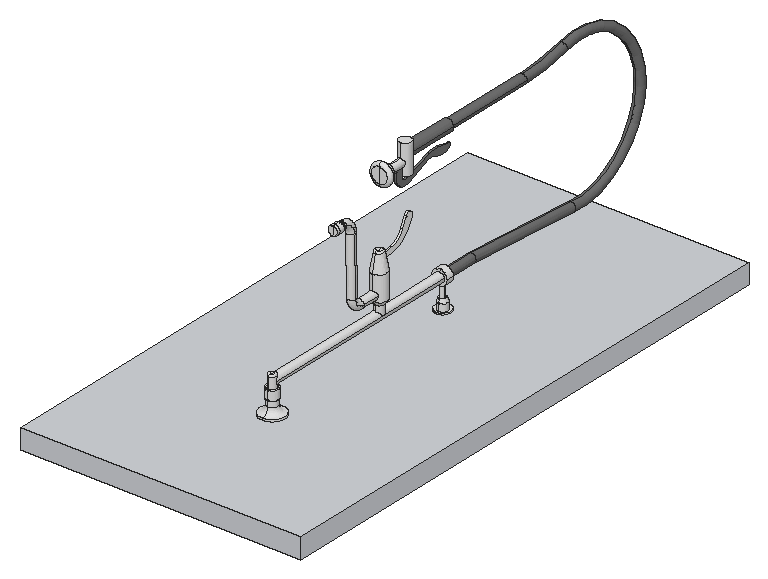
Revit family
Parameters (values of type "TF80WJP")
  WELSRating_ANZRS = ""
  URL = "www.galvinengineering.com.au"
  Type Comments = "Ezy-Wash Pre-Rinse"
  StyleOrType_ANZRS = "Plumbing Fixture"
  PlumbingMaterial_ANZRS = Metal_Taps_DR-Brass-with-Chrome-Finish_10800
  Outlet = "1000mm long high pressure hose with swivel ends"
  ModifiedIssue_ANZRS = 20120721.01  # constant formula
  Model = "TF80WJP"
  Manufacturer = "Galvin Engineering"
  Keynote = "15400"
  Instructions = "http://www.galvinengineering.com.au/Installation_Guides_1.aspx"
  Inlet = "15mm BSP Female"
  FlowRate = 0.000 L/s
  FlexibleHoseMaterial = Rubber_Taps_Black-with-Spring_10800
  FilterObject_ANZRS = "Ezy-Wash"
  DimInletRadius = 7.5 mm  # constant formula
  DimHeight = 1160 mm  # constant formula
  Description = "Wall Mounted Pre-Rinse Unit Type 80W"
  Default Elevation = 900 mm
  CreatedBy_ANZRS = "Galvin Engineering"
  CreatedByURL_ANZRS = "www.galvinengineering.com.au"
  CreatedByPhoneNo_ANZRS = "61-8-92495900"
  Assembly Code = "D2010"
Reference planes
  plane 1 "Bottom": y = 0
  plane 2 "Face": z = 0
  plane 3 "Center (Left/Right)": x = 0
  plane 4 "Top": y = 1160
  plane 5 "Width1": z = 326.475
  plane 6 "WidthReference1": z = 76.475
  plane 7 "Outlet1": y = 190
  plane 8 "Outlet2": y = 335
  plane 9 "Width2": z = 386.475
Forms (mm)
  Extrusion 1, solid
    sketch origin (0, -719.2, 0) x (1, 0, 0) y (0, 1, 0)
      loop
        line (-350, 1769.2) -> (-350, 369.2) -> (350, 369.2) -> (350, 1769.2) -> (-350, 1769.2)
    from 0 to -50
  Revolve 2, solid, material "Metal_Taps_DR-Brass-with-Chrome-Finish_10800" <- "PlumbingMaterial_ANZRS"
    sketch origin (0, 235, 216) x (0, 1, 0) y (0, 0, 1)
      loop
        line (-21.167, 110.475) -> (-21.167, 120.475) -> (-26.583, 122.458) -> (-40.125, 122.458) -> (-45, 121.808) -> (-45, 110.475) -> (-21.167, 110.475)
      axis (-21.167, 110.475) -> (-45, 110.475)
    angle from 0 to 360
  Revolve 3, solid, material "Metal_Taps_DR-Brass-with-Chrome-Finish_10800" <- "PlumbingMaterial_ANZRS"
    sketch origin (0, 0, 0) x (0, 1, 0) y (0, 0, 1)
      loop
        line (0, 90.5) -> (-6.45, 90.5)
        arc (-6.45, 90.5) -> (-8.571, 89.621) -> (-9.45, 87.5) r 3
        line (-9.45, 87.5) -> (-9.45, 61) -> (-13.8, 61)
        arc (-13.8, 61) -> (-14.861, 60.561) -> (-15.3, 59.5) r 1.5
        line (-15.3, 59.5) -> (-15.3, 37.5)
        arc (-15.3, 37.5) -> (-14.861, 36.439) -> (-13.8, 36) r 1.5
        line (-13.8, 36) -> (-12.751, 36) -> (-12.751, 21.721)
        arc (-12.751, 21.721) -> (-18.089, 8.835) -> (-30.975, 3.497) r 18.224
        line (-30.975, 3.497) -> (-30.975, 0) -> (0, 0) -> (0, 90.5)
      axis (0, 90.5) -> (0, 0)
    angle from 0 to 360
  Revolve 4, solid, material "Metal_Taps_DR-Brass-with-Chrome-Finish_10800" <- "PlumbingMaterial_ANZRS"
    sketch origin (0, 0, 0) x (0, 1, 0) y (0, 0, 1)
      loop
        line (315.4, 174.531) -> (315.4, 112.555) -> (323.337, 102.201) -> (323.337, 79.337) -> (334.45, 79.337) -> (334.45, 221.495)
        arc (334.45, 221.495) -> (330.408, 221.323) -> (326.396, 220.808) r 47.506
        arc (326.396, 220.808) -> (324.257, 219.705) -> (323.137, 217.573) r 4
        line (323.137, 217.573) -> (315.4, 174.531)
      axis (334.45, 221.495) -> (334.45, 79.337)
    angle from 0 to 360
  Extrusion 5, solid, material "Metal_Taps_DR-Brass-with-Chrome-Finish_10800" <- "PlumbingMaterial_ANZRS"
    sketch origin (0, 0, 0) x (0, 1, 0) y (0, 0, 1)
      loop
        arc (405.482, 238.054) -> (391.839, 220.276) -> (371.613, 210.628) r 48
        line (371.613, 210.628) -> (337.488, 203.375) -> (339.435, 192.543) -> (379.064, 200.966)
        arc (379.064, 200.966) -> (400.215, 210.054) -> (416.278, 226.543) r 59
        line (416.278, 226.543) -> (432.699, 251.829)
        arc (432.699, 251.829) -> (429.833, 265.317) -> (416.345, 262.45) r 9.75
        line (416.345, 262.45) -> (405.482, 238.054)
    from -2.5 to 2.5
  Sweep 6, solid, material "Metal_Taps_DR-Brass-with-Chrome-Finish_10800" <- "PlumbingMaterial_ANZRS"
    path origin (0, 0, 0) x (0, 1, 0) y (0, 0, 1)
      loop
        line (213.833, 326.475) -> (218.713, 326.475)
        arc (218.713, 326.475) -> (237.45, 318.81) -> (245.44, 300.209) r 26.731
        line (245.44, 300.209) -> (248.035, 151.369)
        arc (248.035, 151.369) -> (255.672, 133.591) -> (273.581, 126.264) r 25.55
        line (273.581, 126.264) -> (328.581, 126.264)
    profile origin (0, 301.081, 126.264) x (0, 0, 1) y (1, 0, 0)
      loop
        circle (0, 0) r 10
  Extrusion 7, solid, material "Metal_Taps_DR-Brass-with-Chrome-Finish_10800" <- "PlumbingMaterial_ANZRS"
    sketch origin (0, 62.766, 142.426) x (1, 0, 0) y (0, 0, 1)
      loop
        circle (0, -66.426) r 19
    from -478.384 to -460.384
  Extrusion 8, solid, material "Metal_Taps_DR-Brass-with-Chrome-Finish_10800" <- "PlumbingMaterial_ANZRS"
    sketch origin (0, 466.149, -639.907) x (0, -1, 0) y (1, 0, 0)
      loop
        circle (-66.426, 0) r 5
    from 667.496 to 704.795
  Revolve 9, solid, material "Metal_Taps_DR-Brass-with-Chrome-Finish_10800" <- "PlumbingMaterial_ANZRS"
    sketch origin (0, 0, 0) x (0, 1, 0) y (0, 0, 1)
      loop
        line (532.575, 27.589) -> (523.865, 27.589) -> (520.575, 19.027) -> (520.575, 2) -> (512.575, 2) -> (512.575, 0) -> (532.575, 0) -> (532.575, 27.589)
      axis (532.575, 27.589) -> (532.575, 0)
    angle from 0 to 360
  Extrusion 10, solid, material "Metal_Taps_DR-Brass-with-Chrome-Finish_10800" <- "PlumbingMaterial_ANZRS"
    sketch origin (0, 349.042, -243.396) x (0, -1, 0) y (1, 0, 0)
      loop
        circle (-66.426, 0) r 15
    from 601.678 to 673.678
  Revolve 11, solid, material "Metal_Taps_DR-Brass-with-Chrome-Finish_10800" <- "PlumbingMaterial_ANZRS"
    sketch origin (0, -111.054, 0) x (0, 1, 0) y (0, 0, 1)
      loop
        line (475.022, 398.475) -> (468.022, 398.475)
        arc (468.022, 398.475) -> (462.365, 400.818) -> (460.022, 406.475) r 8
        arc (460.022, 406.475) -> (453.022, 413.475) -> (446.022, 406.475) r 7
        line (446.022, 406.475) -> (446.022, 386.475) -> (526.522, 386.475) -> (526.522, 395.725) -> (475.022, 395.725) -> (475.022, 398.475)
      axis (526.522, 386.475) -> (446.022, 386.475)
    angle from 0 to 360
  Extrusion 12, solid, material "Rubber_Taps_Black_10800"
    sketch origin (0, -111.179, -0.937) x (0, 1, 0) y (0, 0, 1)
      loop
        arc (627.956, 372.705) -> (613.482, 373.415) -> (599.326, 370.32) r 55
        line (599.326, 370.32) -> (532.028, 345.957)
        arc (532.028, 345.957) -> (518.289, 346.32) -> (511.522, 358.283) r 13.957
        line (511.522, 358.283) -> (511.522, 378.095) -> (491.645, 378.095)
        arc (491.645, 378.095) -> (497.617, 375.265) -> (498.15, 368.678) r 6.607
        arc (498.15, 368.678) -> (502.572, 340.003) -> (530.803, 333.309) r 25.979
        line (530.803, 333.309) -> (598.627, 358.859)
        arc (598.627, 358.859) -> (609.29, 360.397) -> (619.611, 357.306) r 25
        arc (619.611, 357.306) -> (641.346, 352.239) -> (662.465, 359.455) r 40.5
        arc (662.465, 359.455) -> (664.088, 363.585) -> (660.899, 366.672) r 4
        line (660.899, 366.672) -> (627.956, 372.705)
    from -2.5 to 2.5
  Extrusion 13, solid, material "Rubber_Taps_Black_10800"
    sketch origin (0, -117.443, 473.209) x (1, 0, 0) y (0, 0, 1)
      loop
        circle (0, -66.426) r 15
    from -664.611 to -535.911
  Sweep 14, solid, material "Rubber_Taps_Black-with-Spring_10800" <- "FlexibleHoseMaterial"
    path origin (0, 0, 0) x (0, 1, 0) y (0, 0, 1)
      loop
        line (541.15, 76) -> (621.092, 76)
        arc (621.092, 76) -> (776.826, 70.392) -> (931.754, 53.595) r 2165
        arc (931.754, 53.595) -> (1148.347, 253.639) -> (907.789, 424.115) r 189.76
        arc (907.789, 424.115) -> (845.326, 411.136) -> (781.678, 406.783) r 467.457
    profile origin (0, 581.121, 76) x (0, 0, 1) y (1, 0, 0)
      loop
        circle (0, 0) r 11.1
  Extrusion 15, solid, material "Metal_Taps_DR-Brass-with-Chrome-Finish_10800" <- "PlumbingMaterial_ANZRS"
    sketch origin (0, -123.46, 142.426) x (1, 0, 0) y (0, 0, 1)
      loop
        circle (0, -66.426) r 11.1
    from -664.611 to -123.46
  Extrusion 16, solid, material "Rubber_Taps_Black_10800"
    sketch origin (0, 37.557, 473.209) x (1, 0, 0) y (0, 0, 1)
      loop
        circle (0, -66.426) r 11.1
    from -744.121 to -509.611
Cuts and joins
  joined: Revolve 3, Revolve 4, Extrusion 5, Sweep 6, Extrusion 7, Extrusion 8, Extrusion 15
  joined: Extrusion 10, Revolve 11
Dimensions and locks
  "DimHeight": plane 4 "Top" to plane 1 "Bottom"
  locked: plane 5 "Width1" to plane 6 "WidthReference1" at 250
  locked: plane 7 "Outlet1" to plane 1 "Bottom" at 190
  locked: plane 8 "Outlet2" to plane 1 "Bottom" at 335
  locked: plane 9 "Width2" to plane 6 "WidthReference1" at 310
  aligned and locked: plane 2 "Face" to Extrusion 1
  aligned and locked: level to Extrusion 1
  aligned and locked: Revolve 11 sketch curve to plane 9 "Width2"
  aligned and locked: plane 9 "Width2" to Revolve 11 sketch curve
Automatic sketch dimensions
  Extrusion 1 sketch curve to Extrusion 1 sketch curve = 700 mm
  Extrusion 1 sketch curve to Extrusion 1 sketch curve = 1400 mm
  Revolve 2 sketch curve to plane 5 "Width1" = 0 mm  (x2)
  Revolve 2 sketch curve to plane 7 "Outlet1" = 0 mm
  Revolve 2 sketch curve to plane 7 "Outlet1" = 8.083 mm
  plane 7 "Outlet1" to Revolve 2 sketch curve = 4.875 mm
  Revolve 2 sketch curve to Revolve 2 sketch curve = 11.917 mm  (x2)
  Revolve 2 sketch curve to Revolve 2 sketch curve = 13.542 mm
  Revolve 2 sketch curve to Revolve 2 sketch curve = 10 mm
  Revolve 2 sketch curve to Revolve 2 sketch curve = 11.333 mm
  Revolve 2 sketch curve to Revolve 2 sketch curve = 0.65 mm
  Revolve 3 sketch curve to level = 0 mm
  Revolve 3 sketch curve to plane 1 "Bottom" = 0 mm  (x2)
  plane 1 "Bottom" to Revolve 3 sketch curve = 6.45 mm
  plane 1 "Bottom" to Revolve 3 sketch curve = 9.45 mm
  plane 1 "Bottom" to Revolve 3 sketch curve = 12.751 mm
  Revolve 3 sketch curve to Revolve 3 sketch curve = 4.35 mm
  Revolve 3 sketch curve to Revolve 3 sketch curve = 1.049 mm
  Revolve 3 sketch curve to Revolve 3 sketch curve = 1.5 mm
  Revolve 3 sketch curve to Revolve 3 sketch curve = 18.224 mm
  Revolve 3 sketch curve to level = 20 mm
  Revolve 3 sketch curve to Revolve 3 sketch curve = 3.497 mm
  Revolve 3 sketch curve to Revolve 3 sketch curve = 8.279 mm
  Revolve 3 sketch curve to Revolve 3 sketch curve = 6 mm
  Revolve 3 sketch curve to plane 6 "WidthReference1" = 16.975 mm
  plane 6 "WidthReference1" to Revolve 3 sketch curve = 11.025 mm
  Revolve 4 sketch curve to plane 8 "Outlet2" = 19.6 mm
  Revolve 4 sketch curve to plane 8 "Outlet2" = 11.863 mm
  plane 6 "WidthReference1" to Revolve 4 sketch curve = 2.862 mm
  Revolve 4 sketch curve to plane 8 "Outlet2" = 11.663 mm
  Revolve 4 sketch curve to Revolve 4 sketch curve = 3.259 mm
  Revolve 4 sketch curve to Revolve 4 sketch curve = 0 mm
  Revolve 4 sketch curve to Revolve 4 sketch curve = 3.937 mm
  Revolve 4 sketch curve to plane 8 "Outlet2" = 0.55 mm  (x2)
  Revolve 4 sketch curve to plane 6 "WidthReference1" = 37.727 mm
  Revolve 4 sketch curve to Revolve 4 sketch curve = 22.865 mm
  Revolve 4 sketch curve to Revolve 4 sketch curve = 10.353 mm
  Revolve 4 sketch curve to Revolve 4 sketch curve = 36.193 mm
  Revolve 4 sketch curve to Revolve 4 sketch curve = 25.241 mm
  Revolve 4 sketch curve to Revolve 4 sketch curve = 0.542 mm
  Revolve 4 sketch curve to Revolve 4 sketch curve = 42.877 mm
  plane 8 "Outlet2" to Extrusion 5 sketch curve = 2.488 mm
  plane 8 "Outlet2" to Extrusion 5 sketch curve = 4.435 mm
  plane 8 "Outlet2" to Extrusion 5 sketch curve = 26.633 mm
  Extrusion 5 sketch curve to Extrusion 5 sketch curve = 5.164 mm
  Extrusion 5 sketch curve to Extrusion 5 sketch curve = 34.125 mm
  Extrusion 5 sketch curve to Extrusion 5 sketch curve = 7.451 mm
  Extrusion 5 sketch curve to Extrusion 5 sketch curve = 33.869 mm
  Extrusion 5 sketch curve to Extrusion 5 sketch curve = 10.796 mm
  Extrusion 5 sketch curve to Extrusion 5 sketch curve = 10.863 mm
  Extrusion 5 sketch curve to Extrusion 5 sketch curve = 8.177 mm  (x2)
  Extrusion 5 sketch curve to plane 5 "Width1" = 74.646 mm
  Extrusion 5 sketch curve to Extrusion 5 sketch curve = 13.775 mm
  Extrusion 5 sketch curve to Extrusion 5 sketch curve = 11.511 mm
  Extrusion 5 sketch curve to Extrusion 5 sketch curve = 27.426 mm
  Extrusion 5 sketch curve to Extrusion 5 sketch curve = 7.253 mm
  Extrusion 5 sketch curve to Extrusion 5 sketch curve = 9.662 mm
  Extrusion 5 sketch curve to Extrusion 5 sketch curve = 10.832 mm
  Extrusion 5 sketch curve to Extrusion 5 sketch curve = 5.31 mm
  Sweep 6 sketch curve to plane 5 "Width1" = 0 mm
  plane 7 "Outlet1" to Sweep 6 sketch curve = 23.833 mm
  Sweep 6 sketch curve to Sweep 6 sketch curve = 4.88 mm
  Sweep 6 sketch curve to plane 5 "Width1" = 26.266 mm
  Sweep 6 sketch curve to Sweep 6 sketch curve = 26.727 mm
  plane 7 "Outlet1" to Sweep 6 sketch curve = 58.035 mm
  Sweep 6 sketch curve to Sweep 6 sketch curve = 25.546 mm
  Sweep 6 sketch curve to plane 8 "Outlet2" = 6.419 mm
  plane 6 "WidthReference1" to Sweep 6 sketch curve = 75.339 mm
  Sweep 6 sketch curve to Sweep 6 sketch curve = 0.445 mm
  Sweep 6 sketch curve to plane 3 "Center (Left/Right)" = 0 mm
  Sweep 6 sketch curve to profile plane = 0 mm
  Extrusion 7 sketch curve to plane 3 "Center (Left/Right)" = 0 mm
  Extrusion 7 sketch curve to plane 6 "WidthReference1" = 0.475 mm
  Extrusion 8 sketch curve to plane 3 "Center (Left/Right)" = 0 mm
  plane 8 "Outlet2" to Extrusion 8 sketch curve = 197.575 mm
  level to Revolve 9 sketch curve = 0 mm
  plane 8 "Outlet2" to Revolve 9 sketch curve = 177.575 mm
  level to Revolve 9 sketch curve = 2 mm
  Revolve 9 sketch curve to Revolve 9 sketch curve = 8 mm
  level to Revolve 9 sketch curve = 27.589 mm
  Revolve 9 sketch curve to Revolve 9 sketch curve = 3.29 mm
  Revolve 9 sketch curve to Revolve 9 sketch curve = 8.71 mm
  Revolve 9 sketch curve to Revolve 9 sketch curve = 0 mm
  Revolve 9 sketch curve to Revolve 9 sketch curve = 8.344 mm
  Revolve 9 sketch curve to Revolve 9 sketch curve = 12.589 mm
  Revolve 9 sketch curve to Revolve 9 sketch curve = 8.562 mm
  Extrusion 10 sketch curve to plane 3 "Center (Left/Right)" = 0 mm
  plane 8 "Outlet2" to Extrusion 10 sketch curve = 80.468 mm
  Revolve 11 sketch curve to plane 8 "Outlet2" = 15.032 mm
  Revolve 11 sketch curve to plane 8 "Outlet2" = 0.032 mm
  plane 8 "Outlet2" to Revolve 11 sketch curve = 6.968 mm
  Revolve 11 sketch curve to Revolve 11 sketch curve = 0 mm
  Revolve 11 sketch curve to Revolve 11 sketch curve = 8 mm
  Revolve 11 sketch curve to Revolve 11 sketch curve = 7 mm
  Revolve 11 sketch curve to Revolve 11 sketch curve = 6 mm
  Revolve 11 sketch curve to Revolve 11 sketch curve = 45.5 mm
  plane 9 "Width2" to Revolve 11 sketch curve = 9.25 mm
  Revolve 11 sketch curve to Revolve 11 sketch curve = 2.75 mm
  Extrusion 12 sketch curve to plane 9 "Width2" = 9.317 mm
  plane 8 "Outlet2" to Extrusion 12 sketch curve = 45.467 mm
  Extrusion 12 sketch curve to Extrusion 12 sketch curve = 0.536 mm
  Extrusion 12 sketch curve to Extrusion 12 sketch curve = 5.969 mm
  Extrusion 12 sketch curve to Extrusion 12 sketch curve = 13.372 mm
  Extrusion 12 sketch curve to Extrusion 12 sketch curve = 10.139 mm
  Extrusion 12 sketch curve to Extrusion 12 sketch curve = 3.819 mm
  plane 5 "Width1" to Extrusion 12 sketch curve = 5.896 mm
  Extrusion 12 sketch curve to Extrusion 12 sketch curve = 5.324 mm
  Extrusion 12 sketch curve to Extrusion 12 sketch curve = 1.225 mm
  Extrusion 12 sketch curve to plane 9 "Width2" = 28.554 mm
  Extrusion 12 sketch curve to Extrusion 12 sketch curve = 66.6 mm
  Extrusion 12 sketch curve to plane 9 "Width2" = 17.093 mm
  Extrusion 12 sketch curve to Extrusion 12 sketch curve = 0.699 mm
  plane 5 "Width1" to Extrusion 12 sketch curve = 8.053 mm
  Extrusion 12 sketch curve to Extrusion 12 sketch curve = 8.819 mm
  Extrusion 12 sketch curve to plane 5 "Width1" = 8.808 mm
  Extrusion 12 sketch curve to Extrusion 12 sketch curve = 10.602 mm
  Extrusion 12 sketch curve to Extrusion 12 sketch curve = 20.983 mm
  Extrusion 12 sketch curve to Extrusion 12 sketch curve = 0 mm
  Extrusion 12 sketch curve to plane 9 "Width2" = 14.708 mm
  plane 9 "Width2" to Extrusion 12 sketch curve = 5.276 mm
  Extrusion 12 sketch curve to Extrusion 12 sketch curve = 32.223 mm
  Extrusion 12 sketch curve to plane 9 "Width2" = 20.741 mm
  Extrusion 12 sketch curve to Extrusion 12 sketch curve = 0.721 mm
  Extrusion 12 sketch curve to Extrusion 12 sketch curve = 2.286 mm
  Extrusion 12 sketch curve to Extrusion 12 sketch curve = 12.648 mm
  Extrusion 12 sketch curve to Extrusion 12 sketch curve = 0.657 mm
  Extrusion 13 sketch curve to plane 3 "Center (Left/Right)" = 0 mm
  plane 9 "Width2" to Extrusion 13 sketch curve = 20.308 mm
  Sweep 14 sketch curve to plane 6 "WidthReference1" = 0.475 mm
  Sweep 14 sketch curve to Sweep 14 sketch curve = 79.941 mm
  plane 9 "Width2" to Sweep 14 sketch curve = 37.64 mm
  Sweep 14 sketch curve to Sweep 14 sketch curve = 0 mm  (x2)
  level to Sweep 14 sketch curve = 53.595 mm
  Sweep 14 sketch curve to Sweep 14 sketch curve = 310.662 mm
  Sweep 14 sketch curve to plane 3 "Center (Left/Right)" = 0 mm
  Sweep 14 sketch curve to profile plane = 0 mm
  Extrusion 15 sketch curve to plane 3 "Center (Left/Right)" = 0 mm
  Extrusion 15 sketch curve to plane 6 "WidthReference1" = 0.475 mm
  Extrusion 16 sketch curve to plane 3 "Center (Left/Right)" = 0 mm
  plane 9 "Width2" to Extrusion 16 sketch curve = 20.308 mm
  plane 8 "Outlet2" to Sweep 14 sketch curve = 206.15 mm
  plane 9 "Width2" to Sweep 14 sketch curve = 20.308 mm
  Sweep 14 sketch curve to Sweep 14 sketch curve = 160.586 mm
  radius of Sweep 6 sketch curve = 10 mm
  radius of Extrusion 7 sketch curve = 19 mm
  radius of Extrusion 8 sketch curve = 5 mm
  radius of Extrusion 10 sketch curve = 15 mm
  radius of Extrusion 13 sketch curve = 15 mm
  radius of Sweep 14 sketch curve = 11.1 mm
  radius of Extrusion 15 sketch curve = 11.1 mm
  radius of Extrusion 16 sketch curve = 11.1 mm
Connectors
  piping at (0, 0, 0), driven by "DimInletRadius", driven by "FlowRate", driven by "Inlet"
    settings: on cut or joined group of Revolve 3, Revolve 4, Extrusion 5, Sweep 6, Extrusion 7, Extrusion 8, Extrusion 15, index 1, connector radius 0.29528", flow factor 0, pipe flow 0.000 L/s, pressure drop 0.00 psi, fitting loss kfactor 0, connector angle 0.00°, fixture units 0, flow configuration 1, flow direction 1, fitting loss method 4, system type 20, connector reference index -1, connector utility 0, adjustable connector no, is connector primary yes, fitting loss table "", connector description "15mm BSP Female"
